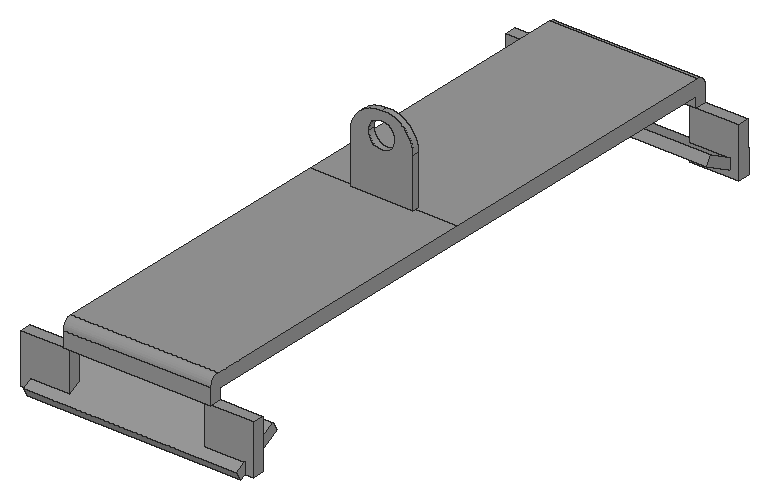
Revit family "Mounting Brackets PNR-05500", category Generic Models, Revit 2017 (continued)
Automatic sketch dimensions
  curve 30 to curve 31 = 0 mm  (x2)
  curve 30 to curve 32 = 0 mm  (x2)
  curve 30 to curve 33 = 0 mm  (x2)
  curve 31 to curve 32 = 0 mm  (x2)
  curve 31 to curve 33 = 0 mm  (x2)
  curve 32 to curve 33 = 0 mm  (x2)
  plane 1 "Center (Front/Back)" to curve 22 = 0 mm
  curve 22 to plane 3 "Center (Left/Right)" = 0 mm
  radius of Extrusion 40 sketch curve = 1.368 mm
  radius of Extrusion 83 sketch curve = 1.031 mm
  radius of curve 16 = 5.795 mm
  radius of curve 17 = 5 mm
  radius of curve 18 = 2.19 mm
  radius of curve 19 = 5.795 mm
  radius of curve 20 = 5 mm
  radius of curve 21 = 2.19 mm
  radius of curve 22 = 5.795 mm
  radius of curve 23 = 5 mm
  radius of curve 24 = 2.19 mm
  radius of curve 25 = 5.795 mm
  radius of curve 26 = 5 mm
  radius of curve 27 = 2.19 mm
  radius of curve 28 = 5.795 mm
  radius of curve 29 = 5 mm
  radius of curve 30 = 2.19 mm
  radius of curve 31 = 5.795 mm
  radius of curve 32 = 5 mm
  radius of curve 33 = 2.19 mm
Types (12, lengths in mm): name | Pendulum Start | Pendulum Height | BT30-R | B7-R | B7SO-R | 61-B3-CR | 61-B3-R | 61-B1-R | B3-CR | B3-R | BT60-R | BT45-R | B1-R | Model | Bracket_Width | Bolt_Visibility | Assembly Code
  (no name) | 31 | 250 | no | no | no | no | no | yes | no | no | no | no | no | "61-B1-R" | 15 | no | "63.0"
  B1-R | 35 | 250 | no | no | no | no | no | no | no | no | no | no | yes | "B1-R" | 15 | no | "63.0"
  B3-R | 23.4 | 250 | no | no | no | no | no | no | no | yes | no | no | no | "B3-R" | 15 | yes | "63.0"
  B3-CR | 24.033 | 250 | no | no | no | no | no | no | yes | no | no | no | no | "B3-CR" | 15 | yes | "63.0"
  61-B1-R | 31 | 250 | no | no | no | no | no | yes | no | no | no | no | no | "61-B1-R" | 15 | no | "63.0"
  61-B3-R | 29.372 | 250 | no | no | no | no | yes | no | no | no | no | no | no | "61-B3-R" | 15 | no | "63.0"
  61-B3-CR | 31.104 | 250 | no | no | no | yes | no | no | no | no | no | no | no | "61-B3-CR" | 15 | no | "63.0"
  B7SO-R | 34 | 230 | no | no | yes | no | no | no | no | no | no | no | no | "B7SO-R" | 15 | yes | "63.0"
  B7-R | 88.322 | 250 | no | yes | no | no | no | no | no | no | no | no | no | "B7-R" | 15 | yes | "63.0"
  BT30-R | 23.4 | 250 | yes | no | no | no | no | no | no | no | no | no | no | "BT30-R" | 17.5 | no | "63.0"
  BT45-R | 23.4 | 250 | no | no | no | no | no | no | no | no | no | yes | no | "BT45-R" | 15 | no | "63.0"
  BT60-R | 23.176 | 250 | no | no | no | no | no | no | no | no | yes | no | no | "BT60-R" | 15 | no | 0
